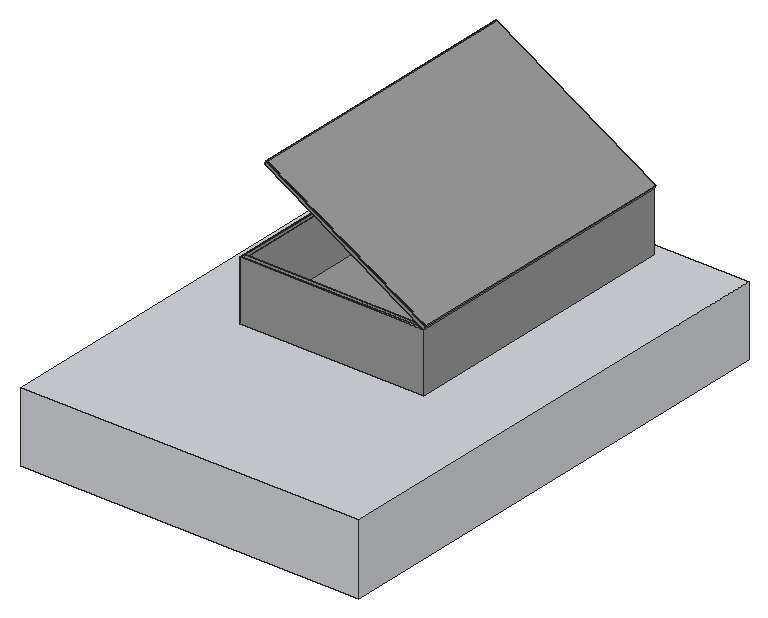
Revit family "Hager-Univers-IP55-D275-H1250-Cl.I-Steel_encl-CH-it", category Equipement électrique, Revit 2020
Family settings
  Hôte = Face
  Configuration du panneau = Deux colonnes, circuits au sein
  Cote de connecteur circulaire = Utiliser le diamètre
  Type d'élément = Tableau de raccordement
  Couper avec des vides une fois chargée = Non
  Partagée = Non
  Point de calcul de pièce = Non
Parameters (values of type "A parete IP55 L800 A1250 P275  - FR83E")
  Width Control [instance] = if([EF000008 - Larghezza] > Min Width, [EF000008 - Larghezza], Min Width)  # 800 mm
  Commentaires du type = [HG000003 - Gamma]  # "Univers"
  Thickness Door [instance] = if([EF009171 - spessore materiale porta/coperchio] > 3 mm, 3 mm, [EF009171 - spessore materiale porta/coperchio])  # 1.5 mm
  Seal Frame Offset [instance] = 17 mm  # constant formula
  Plinth Visibility [instance] = [HG000027 - Altezza dello zoccolo] > 0 mm  # no
  Model = ""
  Min Width [instance] = 100 mm  # constant formula
  Min Height [instance] = 100 mm  # constant formula
  Min Depth [instance] = (2 * [EF009170 - spessore materiale scatola]) + 1 mm  # 4 mm
  Internal Frame Depth [instance] = (Door System Depth * 0.5)  # 9 mm
  Height Control [instance] = if([EF000040 - Altezza] > Min Height, [EF000040 - Altezza], Min Height)  # 1250 mm
  HG000027 - Altezza dello zoccolo = 0 mm
  HG000026 - A pavimento = no
  HG000024 - Altezza della sezione inferiore = 800 mm
  HG000023 - Custodia a doppia sezione = no
  HG000016 - Visibilità delle porte nella vista 3D [instance] = yes
  HG000015 - Visibilità attraverso la porta [instance] = no
  HG000014 - Porta destra [instance] = yes
  HG000013 - Porta sinistra [instance] = not([HG000014 - Porta destra])  # no
  HG000012 - Angolo di apertura della porta [instance] = 30.00°
  HG000010 - Porte asimmetriche = no
  HG000009 - Porta doppia a battente = no
  HG000006 - Ad incasso = no
  HG000004 - Codice produttore = "FR83E"
  HG000003 - Gamma = "Univers"
  HG000002 - Con porta = yes
  Frame Offset Bottom [instance] = 10 mm  # constant formula
  Frame Offset [instance] = 15 mm  # constant formula
  EF015940 - Coprire con rilascio di sovrapressione = no
  EF011959 - tipo di protezione (NEMA) = ""
  EF009554 - numero delle aperture per la piastra della flangia = 6
  Fabricant = "Hager"  # constant formula
  EF009212 - esecuzione coperchio = "EV000116 - chiuso"
  EF009171 - spessore materiale porta/coperchio = 1.5 mm
  EF009170 - spessore materiale scatola = 1.5 mm
  EF008873 - corrente nominale (In) = 800 A
  EF007800 - adatto per parafulmine = no
  EF006306 - con serratura = no
  EF006244 - coperchio/porta trasparente = no
  EF005474 - grado di protezione (IP) = "EV006420 - IP55"
  EF004464 - tipo di porta = "EV002646 - singolo"
  EF004427 - numero di moduli = 288
  EF004293 - resistenza agli urti = "EV008784 - IK10"
  EF003532 - adatto per uso esterno = no
  EF002950 - Numero moduli DIN = 24
  EF001613 - Integrità del circuito = "EV000494 - senza"
  EF001596 - Attacco Lampada = "EV000179 - acciaio"
  EF001131 - profondità interna = 275 mm
  EF001088 - possibilità di applicazione = yes
  EF000437 - numero di ingressi per conduttori = 6
  EF000339 - tipo di copertura = "EV004216 - porta"
  EF000266 - numero di file = 8
  EF000218 - profondità di incasso = 0 mm
  EF000118 - con piastra di montaggio = no
  EF000116 - numero RAL = "7035"
  EF000049 - profondità = 275 mm
  EF000040 - Altezza = 1250 mm
  EF000008 - Larghezza = 800 mm
  EF000007 - colore = "EV000270 - grigio"
  EF000003 - Tipo di montaggio = "EV000384 - A parete"
  Door System Leaf Tolerance [instance] = 1.5 mm  # constant formula
  Door System Depth [instance] = 18 mm  # constant formula
  Door Height [instance] = Height Control - [HG000027 - Altezza dello zoccolo]  # 1250 mm
  Depth Control [instance] = if([EF000049 - profondità] > Min Depth, [EF000049 - profondità], Min Depth)  # 275 mm
  Default Elevation = 0 mm
  Connector Offset [instance] = Height Control / 2  # 625 mm
  Bottom Top Plate Trim [instance] = 1.5 mm  # constant formula
  Plinth height Ctrl [instance] = if([HG000027 - Altezza dello zoccolo] > 0 mm, [HG000027 - Altezza dello zoccolo], 12 mm)  # 12 mm
Types (5, lengths in mm): name | Width Control | HG000010 - Porte asimmetriche | HG000009 - Porta doppia a battente | HG000004 - Codice produttore | EF009554 - numero delle aperture per la piastra della flangia | EF004464 - tipo di porta | EF004427 - numero di moduli | EF000437 - numero di ingressi per conduttori | EF000008 - Larghezza
  A parete IP55 L1050 A1250 P275  - FR84E | 1050 | no | yes | "FR84E" | 8 | "EV003602 - doppio" | 384 | 8 | 1050
  A parete IP55 L1300 A1250 P275  - FR85E | 1300 | yes | yes | "FR85E" | 10 | "EV003602 - doppio" | 480 | 10 | 1300
  A parete IP55 L300 A1250 P275  - FR81E | 300 | no | no | "FR81E" | 2 | "EV002646 - singolo" | 96 | 2 | 300
  A parete IP55 L550 A1250 P275  - FR82E | 550 | no | no | "FR82E" | 4 | "EV002646 - singolo" | 192 | 4 | 550
  A parete IP55 L800 A1250 P275  - FR83E | 800 | no | no | "FR83E" | 6 | "EV002646 - singolo" | 288 | 6 | 800
Reference planes
  plane 1 "Center (Front/Back)": y = 0
  plane 2: z = 0
  plane 3 "Center (Left/Right)": x = 0
  plane 4: z = 275
  plane 5: y = 1.5
  plane 6: y = 625
  plane 7: y = 0
  plane 8: y = 1250
  plane 9: z = 0
  plane 10: x = -385
  plane 11: x = 385
  plane 12: x = 383.5
  plane 13: x = -383.5
  plane 14: y = 1248.5
  plane 15: x = -383
  plane 16: x = -400
  plane 17: x = 383
  plane 18: x = 400
  plane 19: x = 398.5
  plane 20: x = -398.5
  plane 21: y = 11.5
  plane 22: y = 1250
  plane 23: y = 1233.5
  plane 24: z = 257
  plane 25: z = 1.5
  plane 26: z = 255.5
  plane 27: z = 273.5
Forms (mm)
  Extrusion 1, solid
    sketch origin (0, 0, 0) x (1, 0, 0) y (0, 1, 0)
      loop
        line (-702.964, 1305) -> (-702.964, -811.445) -> (766.763, -811.445) -> (766.763, 1305) -> (-702.964, 1305)
    from 0 to -304.8
  Extrusion 2, solid, material "Hager_Steel_RAL7035_Light_Grey", visible <- "Plinth Visibility", detail levels medium+fine
    sketch origin (0, 0, 0) x (1, 0, 0) y (0, 1, 0)
      loop
        line (-400, 0) -> (400, 0) -> (400, 12) -> (-400, 12) -> (-400, 0)
    from 0 to 257
  Extrusion 3, solid, material "Hager_Steel_RAL7035_Light_Grey", detail levels medium+fine
    sketch origin (0, 0, 0) x (1, 0, 0) y (0, 1, 0)
      loop
        line (-400, 0) -> (400, 0) -> (400, 1250) -> (-400, 1250) -> (-400, 0)
    from 0 to 257
  Extrusion 4, void
    sketch origin (0, 0, 0) x (1, 0, 0) y (0, 1, 0)
      loop
        line (-398.5, 1.5) -> (398.5, 1.5) -> (398.5, 1248.5) -> (-398.5, 1248.5) -> (-398.5, 1.5)
    from 1.5 to 255.5
  Extrusion 5, void
    sketch origin (-381.607, -4572, 257) x (0, -1, 0) y (-1, 0, 0)
      loop
        line (-4583.5, 1.893) -> (-5805.5, 1.893) -> (-5805.5, -765.107) -> (-4583.5, -765.107) -> (-4583.5, 1.893)
    from 0 to 1.5 <- "EF009170 - spessore materiale scatola"
  Extrusion 6, solid, material "Hager_Steel_RAL7035_Light_Grey", detail levels fine
    sketch origin (0, 0, 257) x (1, 0, 0) y (0, 1, 0)
      loop
        line (-383.5, 1233.5) -> (-383.5, 11.5) -> (383.5, 11.5) -> (383.5, 1233.5) -> (-383.5, 1233.5)
      loop
        line (-385, 10) -> (385, 10) -> (385, 1235) -> (-385, 1235) -> (-385, 10)
    from 0 to 9 <- "Internal Frame Depth"
  Extrusion 7, solid, material "Hager_Steel_RAL7035_Light_Grey", detail levels coarse
    sketch origin (0, 0, 0) x (1, 0, 0) y (0, 1, 0)
      loop
        line (-400, 0) -> (400, 0) -> (400, 1250) -> (-400, 1250) -> (-400, 0)
    from 0 to 275
  Sweep 8, void
    path in 3D
      loop
        line (-400, 12, 0) -> (400, 12, 0) -> (400, 12, 257) -> (-400, 12, 257) -> (-400, 12, 0)
    profile origin (-400, 12, 128.5) x (-1, 0, 0) y (0, -1, 0)
      loop
        line (0, 0) -> (0, 1.5) -> (-1.5, 1.5)
        arc (-1.5, 1.5) -> (-1.061, 0.439) -> (0, 0) r 1.5
Cuts and joins
  Extrusion 4, Extrusion 5 cuts Extrusion 3
  Sweep 8 cuts Extrusion 2
Lines and regions (mm)
  Masking region 1
    outline origin (0, 0, 0) x (1, 0, 0) y (0, 0, 1)
      loop
        line (-400, 275) -> (-400, 0) -> (400, 0) -> (400, 275) -> (-400, 275)
  Masking region 2, detail levels medium+fine
    outline origin (0, 140, 0) x (0, 1, 0) y (0, 0, 1)
      loop
        line (-140, 0) -> (1110, 0) -> (1110, 257) -> (-140, 257) -> (-140, 0)
  Masking region 3, not visible, detail levels medium+fine
    outline origin (0, 297.922, 0) x (0, 1, 0) y (0, 0, 1)
      loop
        line (338.578, 0) -> (378.578, 0) -> (378.578, 263.5)
        arc (378.578, 263.5) -> (375.649, 270.571) -> (368.578, 273.5) r 10
        line (368.578, 273.5) -> (338.578, 273.5) -> (338.578, 0)
  Masking region 4, detail levels coarse
    outline origin (0, 0, 180) x (0, 1, 0) y (0, 0, 1)
      loop
        line (0, -180) -> (1250, -180) -> (1250, 95) -> (0, 95) -> (0, -180)
  Masking region 5, visible <- "Plinth Visibility", detail levels medium+fine
    outline origin (0, 52.24, 12.345) x (0, 0, -1) y (0, 1, 0)
      loop
        line (10.845, -40.24) -> (-243.155, -40.24)
        arc (-243.155, -40.24) -> (-243.594, -41.301) -> (-244.655, -41.74) r 1.5
        line (-244.655, -41.74) -> (-244.655, -52.24) -> (12.345, -52.24) -> (12.345, -41.74)
        arc (12.345, -41.74) -> (11.285, -41.301) -> (10.845, -40.24) r 1.5
  Masking region 6, detail levels medium+fine
    outline origin (-381.607, -4572, 257) x (-1, 0, 0) y (0, -1, 0)
      loop
        line (18.393, -5822) -> (18.393, -4572) -> (-781.607, -4572) -> (-781.607, -5822) -> (18.393, -5822)
  Masking region 7, visible <- "Plinth Visibility", detail levels medium+fine
    outline origin (-381.607, -4727, 257) x (-1, 0, 0) y (0, -1, 0)
      loop
        arc (16.893, -4739) -> (17.332, -4737.939) -> (18.393, -4737.5) r 1.5
        line (18.393, -4737.5) -> (18.393, -4727) -> (-781.607, -4727) -> (-781.607, -4737.5)
        arc (-781.607, -4737.5) -> (-780.546, -4737.939) -> (-780.107, -4739) r 1.5
        line (-780.107, -4739) -> (16.893, -4739)
  Masking region 8, detail levels coarse
    outline origin (-442.548, -4669.526, 257) x (-1, 0, 0) y (0, -1, 0)
      loop
        line (-42.548, -5919.526) -> (-42.548, -4669.526) -> (-842.548, -4669.526) -> (-842.548, -5919.526) -> (-42.548, -5919.526)
  sketch lines
    curve 1: line (-400, 12, 257) -> (-400, 12, 0)
    curve 2: line (400, 12, 257) -> (-400, 12, 257)
    curve 3: line (400, 12, 257) -> (400, 12, 0)
    curve 4: line (-400, 12, 0) -> (400, 12, 0)
Dimensions and locks
  "Depth Control": plane 4 to Extrusion 1
  "HG000027 - Altezza dello zoccolo": plane 1 "Center (Front/Back)" to plane 7
  "EF009170 - spessore materiale scatola": plane 5 to plane 7
  locked: connector elem to plane 3 "Center (Left/Right)"
  equal spacing: plane 8, plane 6, plane 7
  locked: connector elem to plane 6
  "EF009170 - spessore materiale scatola": plane 8 to plane 14
  "EF009170 - spessore materiale scatola": plane 10 to plane 13
  "EF009170 - spessore materiale scatola": plane 12 to plane 11
  "Frame Offset": plane 20 to plane 13
  "Frame Offset": plane 12 to plane 19
  "EF009170 - spessore materiale scatola": plane 16 to plane 20
  "EF009170 - spessore materiale scatola": plane 19 to plane 18
  "Seal Frame Offset": plane 16 to plane 15
  "Seal Frame Offset": plane 17 to plane 18
  "Frame Offset Bottom": plane 21 to plane 5
  "Frame Offset": plane 14 to plane 23
  equal spacing: plane 16, plane 3 "Center (Left/Right)", plane 18
  "Width Control": plane 16 to plane 18
  "EF009170 - spessore materiale scatola": plane 4 to plane 27
  "EF009170 - spessore materiale scatola": plane 24 to plane 26
  "EF009170 - spessore materiale scatola": plane 25 to level
  "Door System Depth": plane 4 to plane 24
  "Height Control": plane 1 "Center (Front/Back)" to Extrusion 7 sketch curve
  "Height Control": Masking region 4 sketch curve to plane 1 "Center (Front/Back)"
  "Height Control": plane 1 "Center (Front/Back)" to plane 22
  "Bottom Top Plate Trim": profile plane to Sweep 8 sketch curve
  "Bottom Top Plate Trim": Sweep 8 sketch curve to profile plane
  "Plinth height Ctrl": plane 1 "Center (Front/Back)" to Extrusion 2 sketch curve
  "Plinth height Ctrl": Masking region 5 sketch curve to plane 1 "Center (Front/Back)"
  "Plinth height Ctrl": plane 1 "Center (Front/Back)" to Masking region 7 sketch curve
  "Thickness Door": Extrusion 6 sketch curve to Extrusion 6 sketch curve  (x3)
  "Thickness Door": cut or joined group of Extrusion 3, Extrusion 4, Extrusion 5 to Extrusion 6 sketch curve
  radius of Masking region 3 sketch curve = 10 mm
  "Bottom Top Plate Trim": radius of Masking region 5 sketch curve  (x2)
  "Bottom Top Plate Trim": radius of Sweep 8 sketch curve
  "Bottom Top Plate Trim": radius of Masking region 7 sketch curve  (x2)
  aligned and locked: plane 2 to Extrusion 1
  aligned and locked: level to Extrusion 1
  aligned and locked: level to Masking region 1 sketch curve
  aligned and locked: Masking region 1 sketch curve to plane 18
  aligned and locked: Masking region 1 sketch curve to plane 16
  aligned and locked: plane 7 to Masking region 2 sketch curve
  aligned and locked: level to Masking region 3 sketch curve
  aligned and locked: Masking region 3 sketch curve to plane 27
  aligned and locked: level to Masking region 2 sketch curve
  aligned and locked: plane 1 "Center (Front/Back)" to Extrusion 2 sketch curve
  aligned and locked: Extrusion 3 sketch curve to plane 7
  aligned and locked: plane 16 to Extrusion 3 sketch curve
  aligned and locked: plane 18 to Extrusion 3 sketch curve
  aligned and locked: plane 20 to Extrusion 4 sketch curve
  aligned and locked: plane 19 to Extrusion 4 sketch curve
  aligned and locked: Extrusion 4 sketch curve to plane 5
  aligned and locked: Extrusion 4 to plane 25
  aligned and locked: plane 26 to Extrusion 4
  aligned and locked: plane 24 to Extrusion 3
  aligned and locked: Extrusion 5 sketch curve to plane 21
  aligned and locked: Extrusion 5 sketch curve to plane 13
  aligned and locked: Extrusion 5 sketch curve to plane 12
  aligned and locked: plane 18 to Extrusion 7 sketch curve
  aligned and locked: plane 1 "Center (Front/Back)" to Extrusion 7 sketch curve
  aligned and locked: plane 16 to Extrusion 7 sketch curve
  aligned and locked: plane 4 to Extrusion 7
  aligned and locked: Extrusion 7 to level
  aligned and locked: level to Masking region 4 sketch curve
  aligned and locked: Masking region 4 sketch curve to plane 1 "Center (Front/Back)"
  aligned and locked: Masking region 4 sketch curve to plane 4
  aligned and locked: nested 1 to level
  aligned and locked: nested 1 to plane 16
  aligned and locked: plane 8 to Extrusion 3 sketch curve
  aligned and locked: plane 23 to Extrusion 5 sketch curve
  aligned and locked: plane 14 to Extrusion 4 sketch curve
  aligned and locked: Masking region 2 sketch curve to plane 8
  aligned and locked: level to Masking region 5 sketch curve
  aligned and locked: plane 16 to Extrusion 2 sketch curve
  aligned and locked: plane 18 to Extrusion 2 sketch curve
  aligned and locked: Masking region 5 sketch curve to plane 24
  aligned and locked: Masking region 2 sketch curve to plane 24
  aligned and locked: plane 24 to Extrusion 2
  aligned and locked: profile plane to Sweep 8 sketch curve  (x2)
  aligned and locked: Masking region 6 sketch curve to plane 18
  aligned and locked: Masking region 6 sketch curve to plane 22
  aligned and locked: Masking region 6 sketch curve to plane 16
  aligned and locked: plane 8 to plane 22
  aligned and locked: Masking region 6 sketch curve to plane 7
  aligned and locked: Masking region 7 sketch curve to plane 16
  aligned and locked: Masking region 7 sketch curve to plane 1 "Center (Front/Back)"
  aligned and locked: Masking region 7 sketch curve to plane 18
  aligned and locked: Masking region 8 sketch curve to plane 1 "Center (Front/Back)"
  aligned and locked: Masking region 8 sketch curve to plane 18
  aligned and locked: Masking region 8 sketch curve to plane 22
  aligned and locked: Masking region 8 sketch curve to plane 16
  aligned and locked: nested 2 to plane 7
  aligned and locked: plane 3 "Center (Left/Right)" to nested 2
  aligned and locked: nested 2 to plane 24
  aligned and locked: Extrusion 6 sketch curve to cut or joined group of Extrusion 3, Extrusion 4, Extrusion 5  (x4)
Automatic sketch dimensions
  Extrusion 1 sketch curve to Extrusion 1 sketch curve = 1469.727 mm
  Extrusion 1 sketch curve to Extrusion 1 sketch curve = 2116.445 mm
  Masking region 1 sketch curve to plane 4 = 0 mm
  plane 6 to Masking region 3 sketch curve = 11.5 mm
  Masking region 3 sketch curve to Masking region 3 sketch curve = 30 mm
  Masking region 5 sketch curve to plane 1 "Center (Front/Back)" = 0 mm
Nested families
  nested 1: "Hager_Enclosure_Symbol" at (-400, 0, 0) x (1, 0, 0) z (0, -1, 0), Height <- "Depth Control", Width <- "Width Control", type "Hager_Enclosure_Symbol"
    with Width_Ctrl 800 mm, Width 800 mm, Height_Ctrl 275 mm, Height 275 mm, A_Width_Int 18.047 mm, A_Width 216.562 mm, A_Height_Ctrl 240.625 mm, A_Height 240.625 mm
  nested 2: "EC000058_Univers_Door" at (0, 0, 257) x (1, 0, 0) z (0, 1, 0), Leaf_Tolerance <- "Door System Leaf Tolerance", Angle <- "HG000012 - Angolo di apertura della porta", Door_Depth <- "Door System Depth", Door_Left <- "HG000013 - Porta sinistra", Transparent <- "EF006244 - coperchio/porta trasparente", Assymetrical <- "HG000010 - Porte asimmetriche", Width <- "Width Control", Clearance <- "HG000015 - Visibilità attraverso la porta", Double <- "HG000009 - Porta doppia a battente", 3d_Door <- "HG000016 - Visibilità delle porte nella vista 3D", Lock_Visibility <- "EF006306 - con serratura", Width_Ctrl <- "Width Control", Door_Right <- "HG000014 - Porta destra", Door <- "HG000002 - Con porta", Height <- "Door Height", Thickness <- "Thickness Door", type "EC000058_Univers_Door", detail levels medium+fine
    with min_wh 4 mm, Width_Ctrl 800 mm, Width 800 mm, Transparent no, Thickness 1.5 mm, Seal_Material Hager_Rubber, Lock_Visibility no, Lock_Material Hager_Plastic_RAL9005_Jet_Black, Leaf_Width 800 mm, Leaf_Tolerance_External_Sides 0 mm, Leaf_Tolerance 1.5 mm, Leaf_Offset 0 mm, Leaf_Height 1247 mm, Leaf_2_Width 800 mm, Leaf_2_Offset 400 mm, Leaf_1_Width 800 mm, Leaf_1_Offset 400 mm, Height_Ctrl 1250 mm, Height 1250 mm, Glass_Material Hager_Glass, Double_Clearance_Ctrl no, Double no, Door_Right_Ctrl yes, Door_Right yes, Door_Material Hager_Steel_RAL7035_Light_Grey, Door_Left_Ctrl no, Door_Left no, Door_Depth 18 mm, Door yes, Clearance_Material Hager_Clearance, Clearance_Depth 800 mm, Clearance_Ctrl no, Clearance no, Assymetrical no, Angle 30.00°, 3d_Door yes
Connectors
  electrical at (0, 625, 0)
    settings: on plane 9, index 1, voltage 0 V, apparent load 0 VA, apparent load phase1 0 VA, apparent load phase2 0 VA, apparent load phase3 0 VA, power factor 1, load classification "Other", number of poles 1, system type 30, power factor state 1, is connector primary yes, connector utility no, sub classification motor no, connector description ""
Definition of nested family "EC000058_Univers_Door"
  Parameters (values of type "EC000058_Univers_Door")
    min_wh [instance] = (2 * Thickness) + 1 mm  # 11 mm
    Width_Ctrl [instance] = 400 mm
    Width [instance] = 500 mm
    Transparent [instance] = yes
    Thickness [instance] = 5 mm
    Seal_Material [instance] = none
    Lock_Visibility [instance] = yes
    Lock_Material [instance] = none
    Leaf_Width [instance] = if((Width_Ctrl - 2 * Leaf_Tolerance_External_Sides) > 0 mm, (Width_Ctrl - 2 * Leaf_Tolerance_External_Sides), min_wh)  # 400 mm
    Leaf_Tolerance_External_Sides [instance] = 0 mm  # constant formula
    Leaf_Tolerance [instance] = 1.5 mm
    Leaf_Offset [instance] = 0 mm  # constant formula
    Leaf_Height [instance] = if((Height_Ctrl - 2 * Leaf_Tolerance) > 0 mm, (Height_Ctrl - 2 * Leaf_Tolerance), min_wh)  # 497 mm
    Leaf_2_Width [instance] = if(and(and(Double, Assymetrical), Door_Left), (Leaf_Width / 3) - (Leaf_Tolerance / 2), if(and(and(Double, Assymetrical), Door_Right), (Leaf_Width / 3) * 2 - (Leaf_Tolerance / 2), if(and(Double, not(Assymetrical)), (Leaf_Width / 2) - Leaf_Tolerance, Leaf_Width)))  # 400 mm
    Leaf_2_Offset [instance] = if(and(Double, Assymetrical), Leaf_2_Width / 2, if(and(Double, not(Assymetrical)), Leaf_Width / 4, Leaf_Width / 2))  # 200 mm
    Leaf_1_Width [instance] = if(and(and(Double, Assymetrical), Door_Right), (Leaf_Width / 3) - (Leaf_Tolerance / 2), if(and(and(Double, Assymetrical), Door_Left), (Width / 3) * 2 - (Leaf_Tolerance / 2), if(and(Double, not(Assymetrical)), (Leaf_Width / 2) - Leaf_Tolerance, Leaf_Width)))  # 400 mm
    Leaf_1_Offset [instance] = if(and(Double, Assymetrical), Leaf_1_Width / 2, if(and(Double, not(Assymetrical)), Leaf_Width / 4, Leaf_Width / 2))  # 200 mm
    Height_Ctrl [instance] = if(Height > min_wh, Height, min_wh)  # 500 mm
    Height [instance] = 500 mm
    Glass_Material [instance] = none
    Double_Clearance_Ctrl [instance] = and(Double, Clearance)  # no
    Double [instance] = no
    Door_Right_Ctrl [instance] = and(or(Door_Right, Double), Door)  # yes
    Door_Right [instance] = yes
    Door_Material [instance] = none
    Door_Left_Ctrl [instance] = and(or(Door_Left, Double), Door)  # no
    Door_Left [instance] = no
    Door_Depth [instance] = 30 mm
    Door [instance] = yes
    Default Elevation = 1219.2 mm
    Clearance_Material [instance] = none
    Clearance_Depth [instance] = if(Leaf_1_Width > Leaf_2_Width, Leaf_1_Width, Leaf_2_Width)  # 400 mm
    Clearance_Ctrl [instance] = and(not(Double), Clearance)  # yes
    Clearance [instance] = yes
    Assymetrical [instance] = yes
    Angle [instance] = 30.00°
    3d_Door [instance] = yes
  Reference planes
    plane 1 "Center (Front/Back)": y = 0
    plane 2 "Bottom": z = 0
    plane 3 "Center (Left/Right)": x = 0
    plane 4: z = 500
    plane 5: x = -200
    plane 6: x = 200
    plane 7: z = 500
    plane 8: x = -200
    plane 9: z = 0
    plane 10: x = 200
    plane 11: y = 0
    plane 12: z = 1.5
    plane 13: x = -600
    plane 14: y = -400
    plane 15: x = 600
    plane 16: x = 0
    plane 17: x = 0
    plane 18: x = -200
    plane 19: x = 200
    plane 20: z = 498.5
  Forms (mm)
    Extrusion 1, solid, material <- "Clearance_Material", visible <- "Double_Clearance_Ctrl"
      sketch origin (1200, 0, 0) x (1, 0, 0) y (0, 0, -1)
        loop
          line (-1800, -498.5) -> (-600, -498.5) -> (-600, 0) -> (-1800, 0) -> (-1800, -498.5)
      from 0 to -400
  Dimensions and locks
    equal spacing: plane 5, plane 3 "Center (Left/Right)", plane 6
    "Width_Ctrl": plane 5 to plane 6
    "Leaf_Offset": plane 5 to plane 8
    "Leaf_Offset": plane 6 to plane 10
    "Leaf_Offset": plane 9 to level
    "Leaf_Offset": plane 4 to plane 7
    "Height_Ctrl": plane 4 to level
    "Leaf_Tolerance": plane 12 to plane 9
    locked: plane 11 to plane 1 "Center (Front/Back)"
    "Leaf_1_Offset": plane 18 to plane 16
    "Leaf_2_Offset": plane 17 to plane 19
    "Leaf_1_Width": plane 13 to plane 8
    "Leaf_2_Width": plane 10 to plane 15
    "Clearance_Depth": plane 14 to plane 1 "Center (Front/Back)"
    "Leaf_Tolerance_External_Sides": plane 8 to plane 18
    "Leaf_Tolerance_External_Sides": plane 19 to plane 10
    "Leaf_Tolerance": plane 7 to plane 20
    aligned and locked: level to plane 2 "Bottom"
    aligned and locked: nested 1 to plane 16
    aligned and locked: nested 2 to plane 17
    aligned and locked: Extrusion 1 to plane 13
    aligned and locked: plane 15 to Extrusion 1
    aligned and locked: Extrusion 1 to plane 14
    aligned and locked: plane 12 to nested 1
    aligned and locked: nested 2 to plane 12
    aligned and locked: Extrusion 1 to plane 11
    aligned and locked: plane 20 to Extrusion 1
    aligned and locked: nested 2 to plane 11
    aligned and locked: nested 1 to plane 11
  Automatic sketch dimensions
    Extrusion 1 sketch curve to level = 0 mm
    plane 5 to Extrusion 1 sketch curve = 400 mm
    plane 6 to Extrusion 1 sketch curve = 400 mm
    Extrusion 1 sketch curve to plane 4 = 1.5 mm
  Nested families
    nested 1: "EC000058_Univers_Door_Leaf" at (0, 0, 1.5), Width <- "Leaf_1_Width", visible <- "Door_Left_Ctrl", Leaf_Height <- "Leaf_Height", Angle <- "Angle", 3d_Door <- "3d_Door", Transparent <- "Transparent", Clearance Material <- "Clearance_Material", Clearance <- "Clearance_Ctrl", Door_Material <- "Door_Material", Glass_Material <- "Glass_Material", Door_Depth <- "Door_Depth", Lock_Material <- "Lock_Material", Seal_Material <- "Seal_Material", Lock_Visibility <- "Lock_Visibility", Thickness <- "Thickness", type "EC000058_Univers_Door_Leaf"
      with Width 400 mm, Transparent_Glass_Offset 30 mm, Transparent_Ctrl yes, Transparent yes, Thickness 5 mm, Standard no, Seal_Material none, Seal_D2 8 mm, Seal_D1 1 mm, Offset_Internal_Frame 10 mm, Lock_Width 20 mm, Lock_Visibility_3d yes, Lock_Visibility yes, Lock_Thickness_3 3 mm, Lock_Thickness_2 1 mm, Lock_Thickness_1 3 mm, Lock_Radius_Offset_2 16 mm, Lock_Radius_Offset_1 15 mm, Lock_Radius_2 5 mm, Lock_Radius 6 mm, Lock_Offset 5 mm, Lock_Material none, Lock_Height 80 mm, Lock_Cover_Top_Offset_2d 17 mm, Lock_Cover_Height -65 mm, Leaf_Height 497 mm, Internal_Seal_Thickness 8 mm, Internal_Seal_Depth_2 4.5 mm, Internal_Frame_Depth 25 mm, Glass_Thickness -1 mm, Glass_Offset -2 mm, Glass_Material none, Door_Material none, Door_Depth 30 mm, Clearance Material none, Clearance yes, Angle_Ctrl 30.00°, Angle 30.00°, 3d_Door yes
    nested 2: "EC000058_Univers_Door_Leaf" at (0, 0, 1.5) x (-1, 0, 0) z (0, 0, 1), Width <- "Leaf_2_Width", visible <- "Door_Right_Ctrl", Leaf_Height <- "Leaf_Height", Angle <- "Angle", 3d_Door <- "3d_Door", Transparent <- "Transparent", Clearance Material <- "Clearance_Material", Clearance <- "Clearance_Ctrl", Door_Material <- "Door_Material", Glass_Material <- "Glass_Material", Door_Depth <- "Door_Depth", Lock_Material <- "Lock_Material", Seal_Material <- "Seal_Material", Lock_Visibility <- "Lock_Visibility", Thickness <- "Thickness", type "EC000058_Univers_Door_Leaf"
      with Width 400 mm, Transparent_Glass_Offset 30 mm, Transparent_Ctrl yes, Transparent yes, Thickness 5 mm, Standard no, Seal_Material none, Seal_D2 8 mm, Seal_D1 1 mm, Offset_Internal_Frame 10 mm, Lock_Width 20 mm, Lock_Visibility_3d yes, Lock_Visibility yes, Lock_Thickness_3 3 mm, Lock_Thickness_2 1 mm, Lock_Thickness_1 3 mm, Lock_Radius_Offset_2 16 mm, Lock_Radius_Offset_1 15 mm, Lock_Radius_2 5 mm, Lock_Radius 6 mm, Lock_Offset 5 mm, Lock_Material none, Lock_Height 80 mm, Lock_Cover_Top_Offset_2d 17 mm, Lock_Cover_Height -65 mm, Leaf_Height 497 mm, Internal_Seal_Thickness 8 mm, Internal_Seal_Depth_2 4.5 mm, Internal_Frame_Depth 25 mm, Glass_Thickness -1 mm, Glass_Offset -2 mm, Glass_Material none, Door_Material none, Door_Depth 30 mm, Clearance Material none, Clearance yes, Angle_Ctrl 30.00°, Angle 30.00°, 3d_Door yes
  Definition of nested family "EC000058_Univers_Door_Leaf"
    Parameters (values of type "EC000058_Univers_Door_Leaf")
      Width [instance] = 2000 mm
      Transparent_Glass_Offset [instance] = 30 mm
      Transparent_Ctrl [instance] = and(Transparent, [3d_Door])  # yes
      Transparent [instance] = yes
      Thickness [instance] = 5 mm
      Standard [instance] = and(not(Transparent), [3d_Door])  # no
      Seal_Material [instance] = none
      Seal_D2 [instance] = 8 mm  # constant formula
      Seal_D1 [instance] = 1 mm  # constant formula
      Offset_Internal_Frame [instance] = 10 mm  # constant formula
      Lock_Width [instance] = 20 mm  # constant formula
      Lock_Visibility_3d [instance] = and(Lock_Visibility, [3d_Door])  # yes
      Lock_Visibility [instance] = yes
      Lock_Thickness_3 [instance] = 3 mm  # constant formula
      Lock_Thickness_2 [instance] = 1 mm  # constant formula
      Lock_Thickness_1 [instance] = 3 mm  # constant formula
      Lock_Radius_Offset_2 [instance] = Lock_Radius_Offset_1 + 1 mm  # 16 mm
      Lock_Radius_Offset_1 [instance] = 15 mm  # constant formula
      Lock_Radius_2 [instance] = Lock_Radius - 1 mm  # 5 mm
      Lock_Radius [instance] = 6 mm  # constant formula
      Lock_Offset [instance] = 5 mm  # constant formula
      Lock_Material [instance] = none
      Lock_Height [instance] = 80 mm  # constant formula
      Lock_Cover_Top_Offset_2d [instance] = Lock_Radius_Offset_2 + 1 mm  # 17 mm
      Lock_Cover_Height [instance] = -(Lock_Height - Lock_Radius_Offset_1)  # -65 mm
      Leaf_Height [instance] = 2720.336 mm
      Internal_Seal_Thickness [instance] = 8 mm  # constant formula
      Internal_Seal_Depth_2 [instance] = 4.5 mm  # constant formula
      Internal_Frame_Depth [instance] = if(Door_Depth - Thickness > 5 mm, Door_Depth - Thickness, 5 mm)  # 25 mm
      Glass_Thickness [instance] = if(Thickness > 15 mm, Glass_Offset + 10 mm, -1 mm)  # -1 mm
      Glass_Offset [instance] = if(Thickness > 15 mm, -(Thickness + 10 mm) / 2, -2 mm)  # -2 mm
      Glass_Material [instance] = none
      Door_Material [instance] = none
      Door_Depth [instance] = 30 mm
      Default Elevation = 0 mm
      Clearance Material [instance] = none
      Clearance [instance] = yes
      Angle_Ctrl [instance] = if(Angle > 180.00°, 180.00°, Angle)  # 90.00°
      Angle [instance] = 90.00°
      3d_Door [instance] = yes
    Reference planes
      plane 1 "Center (Front/Back)": y = 0
      plane 2: z = 0
      plane 3 "Center (Left/Right)": x = 0
      plane 4: y = 2000
      plane 5: x = -1000
      plane 6: x = 1000
      plane 7: x = -3000
      plane 8: z = 2720.336
      plane 9: z = 30
      plane 10: z = 2690.336
      plane 11: x = 970
      plane 12: x = -970
      plane 13: y = -3
      plane 14: z = 107.833
      plane 15: y = -5
      plane 16: y = -223.314
      plane 17: x = -1000
      plane 18: z = 1360.168
      plane 19: y = 30
    Forms (mm)
      Extrusion 1, solid, material <- "Clearance Material", visible <- "Clearance"
        sketch origin (0, 0, 0) x (1, 0, 0) y (0, 0, 1)
          loop
            line (-3000, 2720.336) -> (-3000, 0) -> (1000, 0) -> (1000, 2720.336) -> (-3000, 2720.336)
        from 0 to -2000
      Extrusion 2, solid, material <- "Door_Material", visible <- "Standard", detail levels medium+fine
        sketch origin (-1000, 0, 0) x (0, 1, 0) y (-1, 0, 0)
          loop
            line (0, 30) -> (0, 25) -> (2000, 25) -> (2000, 30) -> (0, 30)
        from 0 to 2720.336 <- "Leaf_Height"
      Extrusion 3, solid, material <- "Door_Material", visible <- "Transparent_Ctrl", detail levels medium+fine
        sketch origin (-1000, 0, 0) x (0, 1, 0) y (-1, 0, 0)
          loop
            line (0, 25) -> (2000, 25) -> (2000, 30) -> (0, 30) -> (0, 25)
        from 0 to 2720.336 <- "Leaf_Height"
      Extrusion 4, void
        sketch origin (-1025, 2000, 0) x (0, 1, 0) y (0, 0, -1)
          loop
            line (-30, -2690.336) -> (-30, -30) -> (-1970, -30) -> (-1970, -2690.336) -> (-30, -2690.336)
        from 0 to 5 <- "Thickness"
      Sweep 5, solid, material <- "Seal_Material", visible <- "Transparent_Ctrl", detail levels fine
        path in 3D
          loop
            line (-1025, 30, 30) -> (-1025, 30, 2690.336) -> (-1025, 1970, 2690.336) -> (-1025, 1970, 30) -> (-1025, 30, 30)
        profile origin (-1025, 1000, 30) x (1, 0, 0) y (0, 0, 1)
          loop
            line (0, 0) -> (0, -8) -> (1, -8) -> (1, 0) -> (0, 0)
      Extrusion 6, solid, material <- "Glass_Material", visible <- "Transparent_Ctrl", detail levels medium+fine
        sketch origin (-1030, 0, 0) x (0, 1, 0) y (0, 0, -1)
          loop
            line (1970, -2690.336) -> (1970, -30) -> (30, -30) -> (30, -2690.336) -> (1970, -2690.336)
        from -2 <- "Glass_Offset" to -1 <- "Glass_Thickness"
      Extrusion 7, solid, material <- "Door_Material", visible <- "3d_Door", detail levels medium+fine
        sketch origin (-1025, 2000, 0) x (0, -1, 0) y (0, 0, -1)
          loop
            line (0, -2720.336) -> (2000, -2720.336) -> (2000, 0) -> (0, 0) -> (0, -2720.336)
          loop
            line (1995, -5) -> (5, -5) -> (5, -2715.336) -> (1995, -2715.336) -> (1995, -5)
        from 0 to 25 <- "Internal_Frame_Depth"
      Sweep 8, solid, material <- "Seal_Material", visible <- "Transparent_Ctrl", detail levels fine
        path in 3D
          loop
            line (-1025, 0, 0) -> (-1025, 2000, 0) -> (-1025, 2000, 2720.336) -> (-1025, 0, 2720.336) -> (-1025, 0, 0)
        profile origin (-1025, 0, 1360.168) x (1, 0, 0) y (0, 1, 0)
          loop
            line (0, 10) -> (2.975, 10)
            arc (2.975, 10) -> (4.053, 10.447) -> (4.5, 11.525) r 1.525
            line (4.5, 11.525) -> (4.5, 16.527)
            arc (4.5, 16.527) -> (4.069, 17.569) -> (3.027, 18) r 1.473
            line (3.027, 18) -> (0, 18) -> (0, 10)
      Extrusion 9, solid, material <- "Lock_Material", visible <- "Lock_Visibility_3d", detail levels fine
        sketch origin (-1030, 0, 0) x (0, 1, 0) y (0, 0, -1)
          loop
            arc (1993.5, -1400.168) -> (1994.561, -1399.729) -> (1995, -1398.668) r 1.5
            line (1995, -1398.668) -> (1995, -1320.168) -> (1975, -1320.168) -> (1975, -1398.668)
            arc (1975, -1398.668) -> (1975.439, -1399.729) -> (1976.5, -1400.168) r 1.5
            line (1976.5, -1400.168) -> (1993.5, -1400.168)
        from 3 <- "Lock_Thickness_1" to 0
      Blend 10, solid, material <- "Lock_Material", visible <- "Lock_Visibility_3d", detail levels fine
        base sketch origin (-1033, 0, 0) x (0, 1, 0) y (0, 0, -1)
          loop
            line (1975, -1320.168) -> (1975, -1398.668)
            arc (1975, -1398.668) -> (1975.439, -1399.729) -> (1976.5, -1400.168) r 1.5
            line (1976.5, -1400.168) -> (1993.5, -1400.168)
            arc (1993.5, -1400.168) -> (1994.561, -1399.729) -> (1995, -1398.668) r 1.5
            line (1995, -1398.668) -> (1995, -1320.168) -> (1975, -1320.168)
        top sketch origin (-1033, 0, 0) x (0, 1, 0) y (0, 0, -1)
          loop
            line (1976, -1320.168) -> (1976, -1398.668)
            arc (1976, -1398.668) -> (1976.146, -1399.022) -> (1976.5, -1399.168) r 0.5
            line (1976.5, -1399.168) -> (1993.5, -1399.168)
            arc (1993.5, -1399.168) -> (1993.854, -1399.022) -> (1994, -1398.668) r 0.5
            line (1994, -1398.668) -> (1994, -1320.168) -> (1976, -1320.168)
        from 0 to 1 <- "Lock_Thickness_2"
      Blend 11, solid, material <- "Lock_Material", visible <- "Lock_Visibility_3d", detail levels fine
        base sketch origin (-1034, 0, 0) x (0, 1, 0) y (0, 0, -1)
          loop
            line (1978, -1320.168) -> (1978, -1384.168)
            arc (1978, -1384.168) -> (1985, -1391.168) -> (1992, -1384.168) r 7
            line (1992, -1384.168) -> (1992, -1320.168) -> (1978, -1320.168)
        top sketch origin (-1034, 0, 0) x (0, 1, 0) y (0, 0, -1)
          loop
            line (1991, -1320.168) -> (1979, -1320.168) -> (1979, -1383.168)
            arc (1979, -1383.168) -> (1985, -1389.168) -> (1991, -1383.168) r 6
            line (1991, -1383.168) -> (1991, -1320.168)
        from 0 to 3 <- "Lock_Thickness_3"
      Extrusion 12, solid, material <- "Lock_Material", visible <- "Lock_Visibility_3d", detail levels fine
        sketch origin (-1030, 1975, 1320.168) x (1, 0, 0) y (0, -1, 0)
          loop
            line (-7, -19) -> (-7, -1) -> (0, -1) -> (0, 0) -> (-8, 0) -> (-8, -20) -> (0, -20) -> (0, -19) -> (-7, -19)
        from 0 to -65 <- "Lock_Cover_Height"
      Extrusion 13, void
        sketch origin (-1038, 1995, 1320.168) x (-1, 0, 0) y (0, 0, -1)
          loop
            line (-5, -65) -> (0, -65) -> (-5, -60) -> (-5, -65)
        from 0 to 20 <- "Lock_Width"
      Extrusion 14, void
        sketch origin (-1038, 1975, 1320.168) x (0, -1, 0) y (0, 0, -1)
          loop
            circle (-10, -15.995) r 6
          loop
            circle (-10, -15.995) r 5
        from 0 to 2
      Extrusion 15, solid, material <- "Lock_Material", visible <- "Lock_Visibility_3d", detail levels medium
        sketch origin (-1030, 0, 0) x (0, 1, 0) y (0, 0, -1)
          loop
            arc (1993.5, -1400.168) -> (1994.561, -1399.729) -> (1995, -1398.668) r 1.5
            line (1995, -1398.668) -> (1995, -1320.168) -> (1975, -1320.168) -> (1975, -1398.668)
            arc (1975, -1398.668) -> (1975.439, -1399.729) -> (1976.5, -1400.168) r 1.5
            line (1976.5, -1400.168) -> (1993.5, -1400.168)
        from 8 to 0
    Cuts and joins
      Extrusion 4 cuts Extrusion 3
      Extrusion 13, Extrusion 14 cuts Extrusion 9
      Extrusion 14 cuts Blend 11
      Extrusion 13, Extrusion 14 cuts Extrusion 12
      joined: Extrusion 9, Blend 10, Blend 11, Extrusion 12
      Extrusion 14 cuts Extrusion 15
    Lines and regions (mm)
      Masking region 1, visible <- "Lock_Visibility", detail levels fine
        outline origin (0, 0, 0) x (0, 1, 0) y (0, 0, 1)
          loop
            line (30, 1320.168) -> (33, 1320.168) -> (33, 1400.168) -> (30, 1400.168) -> (30, 1320.168)
      Masking region 2, visible <- "Lock_Visibility", detail levels fine
        outline origin (0, 3.143, 0) x (0, 1, 0) y (0, 0, 1)
          loop
            line (29.857, 1354.168) -> (30.857, 1354.168) -> (30.857, 1366.168) -> (29.857, 1366.168) -> (29.857, 1354.168)
      Masking region 3, detail levels medium+fine
        outline origin (0, 0, 0) x (0, 1, 0) y (0, 0, 1)
          loop
            line (0, 0) -> (30, 0) -> (30, 2720.336) -> (0, 2720.336) -> (0, 0)
      Masking region 4, detail levels medium+fine
        outline origin (0, 0, 0) x (1, 0, 0) y (0, 0, 1)
          loop
            line (-1000, 2720.336) -> (-1000, 0) -> (1000, 0) -> (1000, 2720.336) -> (-1000, 2720.336)
      Masking region 5, visible <- "Lock_Visibility", detail levels fine
        outline origin (-47.116, 0, 0) x (1, 0, 0) y (0, 0, 1)
          loop
            arc (1024.616, 1399.168) -> (1023.556, 1398.729) -> (1023.116, 1397.668) r 1.5
            line (1023.116, 1397.668) -> (1023.116, 1320.168) -> (1041.116, 1320.168) -> (1041.116, 1397.668)
            arc (1041.116, 1397.668) -> (1040.677, 1398.729) -> (1039.616, 1399.168) r 1.5
            line (1039.616, 1399.168) -> (1024.616, 1399.168)
      Masking region 6, visible <- "Lock_Visibility", detail levels medium+fine
        outline origin (-25, 0, 0) x (1, 0, 0) y (0, 0, 1)
          loop
            arc (1001.5, 1400.168) -> (1000.439, 1399.729) -> (1000, 1398.668) r 1.5
            line (1000, 1398.668) -> (1000, 1320.168) -> (1020, 1320.168) -> (1020, 1398.668)
            arc (1020, 1398.668) -> (1019.561, 1399.729) -> (1018.5, 1400.168) r 1.5
            line (1018.5, 1400.168) -> (1001.5, 1400.168)
      Masking region 7, visible <- "Lock_Visibility", detail levels fine
        outline origin (-73.735, 0, 0) x (1, 0, 0) y (0, 0, 1)
          loop
            line (1051.735, 1382.168) -> (1065.735, 1382.168) -> (1065.735, 1384.168)
            arc (1065.735, 1384.168) -> (1058.735, 1391.168) -> (1051.735, 1384.168) r 7
            line (1051.735, 1384.168) -> (1051.735, 1382.168)
      Masking region 8, visible <- "Lock_Visibility", detail levels fine
        outline origin (-73.735, 0, 0) x (1, 0, 0) y (0, 0, 1)
          loop
            line (1052.735, 1382.168) -> (1064.735, 1382.168) -> (1064.735, 1383.168)
            arc (1064.735, 1383.168) -> (1058.735, 1389.168) -> (1052.735, 1383.168) r 6
            line (1052.735, 1383.168) -> (1052.735, 1382.168)
      Masking region 9, visible <- "Lock_Visibility", detail levels fine
        outline origin (-25, 0, 0) x (1, 0, 0) y (0, 0, 1)
          loop
            line (1020, 1320.168) -> (1020, 1382.168) -> (1000, 1382.168) -> (1000, 1320.168) -> (1020, 1320.168)
      Masking region 10, detail levels medium+fine
        outline origin (0, 0, 0) x (1, 0, 0) y (0, 0, 1)
          loop
            circle (985, 1335.144) r 6
      Masking region 11, detail levels fine
        outline origin (0, 0, 0) x (1, 0, 0) y (0, 0, 1)
          loop
            circle (985, 1335.144) r 5
      Masking region 12, visible <- "Lock_Visibility", detail levels fine
        outline origin (0, 12.767, 0) x (0, 1, 0) y (0, 0, 1)
          loop
            line (20.233, 1320.168) -> (21.233, 1320.168) -> (21.233, 1399.168) -> (20.233, 1400.168) -> (20.233, 1320.168)
      Masking region 13, visible <- "Lock_Visibility", detail levels fine
        outline origin (0, 13.767, -10) x (0, 1, 0) y (0, 0, 1)
          loop
            line (20.233, 1330.168) -> (23.233, 1330.168) -> (23.233, 1399.168) -> (20.233, 1402.168) -> (20.233, 1330.168)
      Masking region 14, visible <- "Lock_Visibility", detail levels fine
        outline origin (0, 12.767, -10) x (0, 1, 0) y (0, 0, 1)
          loop
            line (20.233, 1330.168) -> (25.233, 1330.168) -> (25.233, 1399.305) -> (20.233, 1394.305) -> (20.233, 1330.168)
      Masking region 15, visible <- "Lock_Visibility", detail levels medium
        outline origin (0, 0, 0) x (0, 1, 0) y (0, 0, 1)
          loop
            line (30, 1320.168) -> (38, 1320.168) -> (38, 1400.168) -> (30, 1400.168) -> (30, 1320.168)
      Masking region 16, visible <- "Lock_Visibility", detail levels fine
        outline origin (-1000, 0, 0) x (0, 1, 0) y (-1, 0, 0)
          loop
            line (1975, 30) -> (1995, 30) -> (1995, 38) -> (1975, 38) -> (1975, 30)
          loop
            line (1979, 37) -> (1976, 37) -> (1976, 34) -> (1978, 34) -> (1979, 37)
          loop
            line (1994, 37) -> (1991, 37) -> (1992, 34) -> (1994, 34) -> (1994, 37)
      Masking region 17, visible <- "Lock_Visibility", detail levels medium
        outline origin (-1000, 0, 0) x (0, 1, 0) y (-1, 0, 0)
          loop
            line (1975, 30) -> (1995, 30) -> (1995, 38) -> (1975, 38) -> (1975, 30)
      symbolic lines
        curve 1: line (1000, 0, 0) -> (-3000, 0, 0)
        curve 2: arc (1000, 0, 0) -> (-1000, 2000, 0) -> (-3000, 0, 0) r 2000
        curve 4: line (-1030, 0, 0) -> (-1030, 2000, 0)
      reference lines
        curve 3: line (-1000, 0, 0) -> (-1000, 2000, 0)
      symbolic lines, detail levels medium+fine
        curve 5: line (-1030, 2000, 0) -> (-1025, 2000, 0)
        curve 7: line (-1025, 0, 0) -> (-1030, 0, 0)
        curve 8: line (-1025, 0, 0) -> (-1000, 0, 0)
        curve 9: line (-1000, 0, 0) -> (-1000, 2000, 0)
        curve 10: line (-1000, 2000, 0) -> (-1025, 2000, 0)
      symbolic lines, detail levels fine
        curve 6: line (-1025, 2000, 0) -> (-1025, 0, 0)
      sketch lines
        curve 11: line (-1025, 0, 2720.336) -> (-1025, 0, 0)
        curve 12: line (-1025, 2000, 0) -> (-1025, 0, 0)
        curve 13: line (-1025, 2000, 2720.336) -> (-1025, 2000, 0)
        curve 14: line (-1025, 0, 2720.336) -> (-1025, 2000, 2720.336)
        curve 15: line (-1025, 1970, 30) -> (-1025, 30, 30)
        curve 16: line (-1025, 30, 30) -> (-1025, 30, 2690.336)
        curve 17: line (-1025, 1970, 2690.336) -> (-1025, 1970, 30)
        curve 18: line (-1025, 30, 2690.336) -> (-1025, 1970, 2690.336)
      symbolic lines, visible <- "Transparent", detail levels medium+fine
        curve 19: line (-970, 0, 2690.336) -> (970, 0, 2690.336)
        curve 20: line (-970, 0, 30) -> (-970, 0, 2690.336)
        curve 21: line (970, 0, 30) -> (-970, 0, 30)
        curve 22: line (970, 0, 2690.336) -> (970, 0, 30)
    Dimensions and locks
      "Width": plane 1 "Center (Front/Back)" to plane 4
      equal spacing: plane 5, plane 3 "Center (Left/Right)", plane 6
      "Width": plane 5 to plane 6
      "Width": plane 7 to plane 5
      "Leaf_Height": plane 8 to level
      "Width": curve 5 to curve 3
      "Width": curve 3 to curve 3
      plane 8 to plane 10 = 30 mm
      plane 9 to level = 30 mm
      plane 12 to plane 5 = 30 mm
      plane 6 to plane 11 = 30 mm
      Extrusion 1 to Extrusion 4 sketch curve = 30 mm
      "Transparent_Glass_Offset": curve 3 to Extrusion 4 sketch curve
      "Transparent_Glass_Offset": Extrusion 4 sketch curve to cut or joined group of Extrusion 3, Extrusion 4  (x2)
      cut or joined group of Extrusion 3, Extrusion 4 to Extrusion 6 sketch curve = 30 mm
      "Transparent_Glass_Offset": cut or joined group of Extrusion 3, Extrusion 4 to Extrusion 4 sketch curve
      "Thickness": curve 6 to curve 4
      "Thickness": Extrusion 7 sketch curve to Extrusion 7 sketch curve  (x4)
      "Door_Depth": curve 4 to curve 3
      "Offset_Internal_Frame": profile plane to Sweep 8 sketch curve
      "Internal_Seal_Thickness": Sweep 8 sketch curve to Sweep 8 sketch curve
      "Internal_Seal_Depth_2": profile plane to Sweep 8 sketch curve
      "Seal_D1": profile plane to Sweep 5 sketch curve
      "Seal_D2": profile plane to Sweep 5 sketch curve
      "Thickness": Extrusion 2 sketch curve to Extrusion 2 sketch curve
      equal spacing: Extrusion 9 sketch curve, plane 18, Extrusion 9 sketch curve  (x2)
      equal spacing: Masking region 1 sketch curve, plane 18, Masking region 1 sketch curve
      "Lock_Height": Masking region 1 sketch curve to Masking region 1 sketch curve
      "Lock_Radius": Masking region 2 sketch curve to plane 18 to Masking region 2 sketch curve
      Masking region 2 sketch curve to Masking region 1 = 1 mm
      "Door_Depth": plane 19 to plane 1 "Center (Front/Back)"
      "Lock_Thickness_1": Masking region 1 sketch curve to plane 19
      "Lock_Width": Extrusion 9 sketch curve to Extrusion 9 sketch curve
      "Lock_Height": Extrusion 9 sketch curve to Extrusion 9 sketch curve
      "Lock_Offset": cut or joined group of Extrusion 3, Extrusion 4 to Extrusion 9 sketch curve
      equal spacing: plane 8, plane 18, level
      "Lock_Radius_Offset_1": Blend 11 sketch curve to Blend 10
      locked: Blend 10 to Blend 11 sketch curve at 2  (x2)
      locked: var sketch to Blend 11 sketch curve at 1  (x2)
      "Lock_Radius_Offset_2": Blend 11 sketch curve to Blend 10
      locked: Extrusion 12 sketch curve to Extrusion 12 sketch curve at 1  (x3)
      Masking region 6 sketch curve to Masking region 6 sketch curve = 80 mm
      "Lock_Height": Masking region 6 sketch curve to Masking region 6 sketch curve
      "Lock_Width": Masking region 6 sketch curve to Masking region 6 sketch curve
      locked: Masking region 6 to Masking region 5 sketch curve at 1  (x3)
      locked: Masking region 5 to Masking region 7 sketch curve at 2  (x2)
      "Lock_Radius_Offset_1": Masking region 5 to Masking region 7 sketch curve
      "Lock_Radius_Offset_2": Masking region 5 to Masking region 8 sketch curve
      locked: Masking region 7 to Masking region 8 sketch curve at 1  (x2)
      "Lock_Cover_Top_Offset_2d": Masking region 5 to Masking region 9 sketch curve
      equal spacing: Masking region 9, Masking region 10 sketch curve, Masking region 9
      equal spacing: Masking region 9, Masking region 11 sketch curve, Masking region 9
      Extrusion 15 sketch curve to Extrusion 15 sketch curve = 80 mm
      "Lock_Width": Extrusion 15 sketch curve to Extrusion 15 sketch curve
      "Lock_Height": Extrusion 15 sketch curve to Extrusion 15 sketch curve
      equal spacing: Extrusion 15 sketch curve, plane 18, Extrusion 15 sketch curve
      "Lock_Thickness_3": Masking region 13 sketch curve to Masking region 13 sketch curve
      "Lock_Height": Masking region 12 sketch curve to Masking region 12 sketch curve
      locked: Masking region 13 sketch curve to Masking region 1 at 8
      locked: Masking region 14 sketch curve to Masking region 13 at 1
      locked: Masking region 14 sketch curve to Masking region 1 at 10.863
      "Lock_Height": Masking region 15 sketch curve to Masking region 15 sketch curve
      "Lock_Offset": Extrusion 15 sketch curve to cut or joined group of Extrusion 3, Extrusion 4
      "Lock_Offset": plane 6 to Masking region 6 sketch curve
      radius of Sweep 8 sketch curve = 1.525 mm
      radius of Sweep 8 sketch curve = 1.473 mm
      radius of Extrusion 9 sketch curve = 1.5 mm  (x2)
      "Lock_Radius": radius of Extrusion 14 sketch curve
      "Lock_Radius_2": radius of Extrusion 14 sketch curve
      "Lock_Radius": radius of Masking region 10 sketch curve
      "Lock_Radius_2": radius of Masking region 11 sketch curve
      radius of Extrusion 15 sketch curve = 1.5 mm  (x2)
      "Angle_Ctrl": angle plane 1 "Center (Front/Back)" to curve 3
      locked: Masking region 12 sketch curve to Masking region 12 sketch curve (angle 45.00°)
      locked: Masking region 13 sketch curve to Masking region 13 sketch curve (angle 45.00°)
      locked: Masking region 14 sketch curve to Masking region 14 sketch curve (angle 45.00°)
      aligned and locked: level to plane 2
      aligned and locked: Extrusion 1 to curve 1
      aligned and locked: plane 6 to Extrusion 1
      aligned and locked: Extrusion 1 to plane 1 "Center (Front/Back)"
      aligned and locked: plane 4 to Extrusion 1
      aligned and locked: plane 8 to Extrusion 1
      aligned and locked: curve 7 to Extrusion 2 sketch curve
      aligned and locked: curve 5 to Extrusion 2 sketch curve
      aligned and locked: curve 7 to Extrusion 3 sketch curve
      aligned and locked: Extrusion 3 sketch curve to curve 4
      aligned and locked: Extrusion 3 sketch curve to curve 6
      aligned and locked: Extrusion 3 sketch curve to curve 5
      aligned and locked: curve 9 to curve 3
      aligned and locked: Extrusion 7 sketch curve to cut or joined group of Extrusion 3, Extrusion 4  (x4)
      aligned and locked: plane 17 to curve 3
      aligned and locked: plane 1 "Center (Front/Back)" to curve 3
      aligned and locked: plane 17 to plane 5
      aligned and locked: Sweep 8 sketch curve to profile plane
      aligned and locked: Sweep 5 sketch curve to profile plane  (x2)
      aligned and locked: Masking region 1 to Masking region 2 sketch curve
      aligned and locked: plane 19 to Masking region 1 sketch curve
      aligned and locked: plane 1 "Center (Front/Back)" to Masking region 3 sketch curve
      aligned and locked: plane 19 to Masking region 3 sketch curve
      aligned and locked: level to Masking region 3 sketch curve
      aligned and locked: Masking region 3 sketch curve to plane 8
      aligned and locked: plane 17 to Masking region 4 sketch curve
      aligned and locked: level to Masking region 4 sketch curve
      aligned and locked: Masking region 4 sketch curve to plane 8
      aligned and locked: plane 12 to curve 20
      aligned and locked: plane 10 to curve 19
      aligned and locked: plane 11 to curve 22
      aligned and locked: curve 21 to plane 9
      aligned and locked: Extrusion 2 sketch curve to cut or joined group of Extrusion 3, Extrusion 4
      aligned and locked: Blend 10 sketch curve to Extrusion 9  (x4)
      aligned and locked: Extrusion 9 to Blend 10 sketch curve
      aligned and locked: Blend 10 to Blend 11 sketch curve
      aligned and locked: Extrusion 12 sketch curve to Blend 11
      aligned and locked: Extrusion 12 sketch curve to Extrusion 9  (x4)
      aligned and locked: Masking region 5 sketch curve to Masking region 6
      aligned and locked: Masking region 9 sketch curve to Masking region 6  (x3)
      aligned and locked: Masking region 12 sketch curve to Masking region 1
      aligned and locked: Masking region 13 sketch curve to Masking region 1
      aligned and locked: Masking region 12 to Masking region 14
      aligned and locked: Masking region 14 sketch curve to Masking region 1
      aligned and locked: Masking region 15 sketch curve to Masking region 14
      aligned and locked: Masking region 13 sketch curve to Masking region 12
      aligned and locked: Masking region 16 sketch curve to cut or joined group of Extrusion 14, Extrusion 15  (x4)
      aligned and locked: Masking region 16 sketch curve to cut or joined group of Extrusion 9, Blend 10, Blend 11, Extrusion 12, Extrusion 13, Extrusion 14  (x6)
      aligned and locked: cut or joined group of Extrusion 9, Blend 10, Blend 11, Extrusion 12, Extrusion 13, Extrusion 14 to Masking region 16 sketch curve
      aligned and locked: Masking region 17 sketch curve to cut or joined group of Extrusion 14, Extrusion 15  (x3)
      aligned and locked: Masking region 17 sketch curve to cut or joined group of Extrusion 9, Blend 10, Blend 11, Extrusion 12, Extrusion 13, Extrusion 14
      aligned and locked: Masking region 9 to Masking region 8 sketch curve
      aligned and locked: Masking region 9 to Masking region 7 sketch curve
    Automatic sketch dimensions
      plane 1 "Center (Front/Back)" to curve 2 = 0 mm
      curve 2 to plane 5 = 0 mm
      Extrusion 1 sketch curve to level = 0 mm
      Extrusion 1 sketch curve to plane 7 = 0 mm
      Extrusion 1 sketch curve to plane 6 = 0 mm
      Extrusion 1 sketch curve to plane 8 = 0 mm
      Extrusion 3 to Extrusion 6 sketch curve = 30 mm  (x4)
      Masking region 4 sketch curve to plane 6 = 0 mm
      Blend 10 sketch curve to Extrusion 9 = 1.5 mm
      Blend 10 sketch curve to Extrusion 9 = 1 mm
      Extrusion 13 sketch curve to Extrusion 12 = 0 mm  (x2)
      Extrusion 12 to Extrusion 13 sketch curve = 3 mm
      Extrusion 13 sketch curve to Extrusion 12 = 5 mm
      Extrusion 14 sketch curve to Extrusion 14 sketch curve = 0 mm  (x2)
      Extrusion 14 sketch curve to Extrusion 12 = 10 mm
      Extrusion 14 sketch curve to Extrusion 12 = 15.995 mm
      Masking region 5 sketch curve to Masking region 5 sketch curve = 1.5 mm  (x2)
      Masking region 10 sketch curve to plane 18 = 25.024 mm
      Masking region 11 sketch curve to plane 18 = 25.024 mm
      plane 19 to Masking region 14 sketch curve = 3 mm
      Masking region 16 sketch curve to Masking region 16 sketch curve = 3 mm
      curve 4 to curve 3 = 0 mm
      Blend 10 to Blend 11 sketch curve = 0 mm
      Masking region 6 sketch curve to Masking region 6 sketch curve = 1.5 mm  (x2)
      Masking region 6 sketch curve to plane 18 = 40 mm
      plane 19 to Masking region 12 sketch curve = 3 mm
      Masking region 12 sketch curve to Masking region 12 sketch curve = 1 mm
      Masking region 15 sketch curve to plane 19 = 0 mm
      Masking region 15 sketch curve to plane 18 = 40 mm
      radius of Blend 10 sketch curve to Extrusion 9 = 1 mm
Definition of nested family "Hager_Enclosure_Symbol"
  Parameters (values of type "Hager_Enclosure_Symbol")
    Width_Ctrl [instance] = if(Width > 1 mm, Width, 1 mm)  # 102.27 mm
    Width [instance] = 102.27 mm
    Height_Ctrl [instance] = if(Height > 1 mm, Height, 1 mm)  # 66.5 mm
    A_Width_Int [instance] = if(A_Width / 12 > 2 mm, A_Width / 12, 2 mm)  # 4.364 mm
    A_Width [instance] = if(A_Height_Ctrl * 0.9 > 2 mm, A_Height_Ctrl * 0.9, 2 mm)  # 52.369 mm
    A_Height_Ctrl [instance] = if(A_Height > 2 mm, A_Height, 2 mm)  # 58.188 mm
    Height [instance] = 66.5 mm
    A_Height [instance] = Height - (Height / 8)  # 58.188 mm
  Reference planes
    plane 1 "Centre (avant/arrière)": y = 0
    plane 2: z = 0
    plane 3 "Centre (gauche/droite)": x = 0
    plane 4: x = 52.369
    plane 5: y = 33.042
    plane 6: y = 41.77
    plane 7: y = 66.5
    plane 8: x = 26.184
    plane 9: y = 37.406
    plane 10: x = 102.27
    plane 11: y = 66.5
    plane 12: y = 8.313
  Lines and regions (mm)
    Filled region 1, type "Solid_Black", in view "Niveau de réf."
      outline origin (0, 0, 0) x (1, 0, 0) y (0, 1, 0)
        loop
          line (52.369, 66.5) -> (33.188, 54.536) -> (45.365, 45.006) -> (52.369, 66.5)
    Filled region 2, type "Solid_Black", in view "Niveau de réf."
      outline origin (0, 0, 0) x (1, 0, 0) y (0, 1, 0)
        loop
          line (0, 0) -> (102.27, 0) -> (102.27, 66.5) -> (0, 0)
    detail lines, in view "Niveau de réf."
      curve 1: line (0, 8.313, 0) -> (26.184, 41.77, 0)
      curve 2: line (26.184, 41.77, 0) -> (26.184, 33.042, 0)
      curve 3: line (26.184, 33.042, 0) -> (52.369, 66.5, 0)
  Dimensions and locks
    "A_Width": plane 3 "Centre (gauche/droite)" to plane 4
    equal spacing: plane 3 "Centre (gauche/droite)", plane 8, plane 4
    equal spacing: plane 6, plane 9, plane 5
    equal spacing: curve 3, Filled region 1 sketch curve, Filled region 1 sketch curve
    "Height_Ctrl": plane 1 "Centre (avant/arrière)" to plane 11
    "A_Height_Ctrl": plane 11 to plane 12
    equal spacing: plane 11, plane 9, plane 12
    "A_Width_Int": plane 6 to plane 9
    "Width_Ctrl": plane 3 "Centre (gauche/droite)" to plane 10
    angle Filled region 1 sketch curve to curve 3 = 20.00°
    angle curve 3 to Filled region 1 sketch curve = 20.00°
    locked: curve 3 to Filled region 1 sketch curve (angle 90.00°)
    aligned and locked: plane 10 to Filled region 2
    aligned and locked: plane 11 to Filled region 2 sketch curve
    aligned and locked: plane 10 to Filled region 2 sketch curve
    aligned and locked: plane 3 "Centre (gauche/droite)" to curve 1
    aligned and locked: plane 12 to curve 1
    aligned and locked: plane 7 to plane 11
  Automatic sketch dimensions
    Filled region 1 sketch curve to plane 4 = 0 mm
    Filled region 1 sketch curve to plane 7 = 0 mm
    plane 1 "Centre (avant/arrière)" to Filled region 2 sketch curve = 0 mm
    Filled region 2 sketch curve to plane 3 "Centre (gauche/droite)" = 0 mm
    curve 2 to plane 6 = 0 mm
    curve 2 to plane 8 = 0 mm
    curve 3 to plane 4 = 0 mm
    curve 2 to plane 5 = 0 mm
    curve 3 to plane 7 = 0 mm
